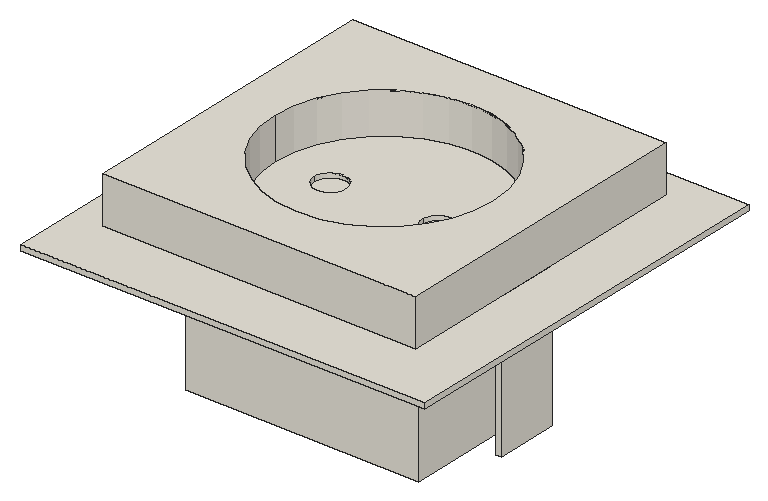
Revit family "Gira_018803", category Electrical Fixtures, host Face, Revit 2017
Family settings
  Host = Face
  Maintain Annotation Orientation = Yes
  Round Connector Dimension = Use Diameter
  Part Type = Normal
  Cut with Voids When Loaded = No
  Shared = No
  Room Calculation Point = No
Parameters (values of type "SCHUKO System 55 Reinweiß")
  Überspannungsschutz = "No"
  Werkstoffgüte = "sonstige"
  Werkstoff = "sonstige"
  Verdrehter Zentraleinsatz = "No"
  URL = "http://katalog.gira.de/de_DE/datenblatt.html?artikelnr=018803"
  Transparent = "No"
  Textfeld/Beschriftungsfläche = "No"
  Sonderstromversorgung = "ohne Sonderstromversorgung"
  Schutzleiterkontakt rund = "No"
  Schutzkontakt = "Yes"
  Region = "DE"
  RAL-Nummer (ähnlich) = "9010 "
  Oberfläche = "sonstige"
  Nennstrom = "16 Ampere"
  Nennspannung = "250 Volt"
  Name = "SCHUKO System 55 Reinweiß"
  Montageart = "unter Putz"
  Model = "SYS55_Steckdose"
  Mit erhöhtem Berührungsschutz = "No"
  Mit eingebauter USB-Spannungsversorgung = "No"
  Mit Signallampe = "No"
  Mit Orientierungsbeleuchtung = "No"
  Mit Klappdeckel = "No"
  Mit Funktionsbeleuchtung = "No"
  Mit Feinsicherung = "No"
  Mit Ein-/Ausschalter = "No"
  Mit Durchschleiffunktion = "No"
  Min. Tiefe der Gerätedose = "0.032 m"
  Manufacturer URL = "https://www.gira.de/"
  Isolierter Einbau = "No"
  HeinzeBIM = "https://bimportal.heinze.de/bim/schuko-system-55-reinweiss/aede7c65617a06472b82d7397b526df9eff66424"
  Halogenfrei = "Yes"
  HAN = "018803"
  Geeignet für Schutzart (IP) = "IP20"
  GTIN = "4010337188032"
  Für "erschwerte Bedingungen" (nach VDE) = "No"
  Frequenz = "50 - 50"
  Fehlerstromschutz = "No"
  Farbe = "weiß"
  Default Elevation = 1219.2 mm
  Data sheet (1) = "https://katalog.gira.de/de_DE/download.html?artikelnr=018803"
  Cremeweiß glänzend = Cremeweiß glänzend
  Category = "Steckdose"
  Befestigungsart = "Krallen-/Schraubbefestigung"
  Available = "Yes"
  Auswurfmechanismus = "No"
  Ausführung der Oberfläche = "glänzend"
  Ausführung = "Schuko"
  Aufdruck/Kennzeichnung = "ohne Aufdruck"
  Anzahl der Steckdosen schaltbar = "0 "
  Anzahl der Module (bei Modulbauweise) = "1 "
  Anzahl der Einheiten = "1 "
  Antibakterielle Behandlung = "No"
  Anschlussart = "Steckklemme"
  Abschließbar = "No"
Reference planes
  plane 1 "Center (Front/Back)": y = 0
  plane 2 "Reference Level 0": z = 0
  plane 3 "Center (Left/Right)": x = 0
  plane 4: x = 9.5
  plane 5: x = -9.5
  plane 6: x = 9.5
  plane 7: x = -9.5
  plane 8: x = 9.5
  plane 9: x = -9.5
  plane 10: x = 17.5
  plane 11 "Reference Level 1": z = 8.2
Forms (mm)
  Extrusion 1, solid, material "Cremeweiß glänzend" <- "Cremeweiß glänzend", detail levels coarse
    sketch origin (0, 0, 0) x (1, 0, 0) y (0, 1, 0)
      loop
        line (-35.5, 35.5) -> (-35.5, -35.5) -> (35.5, -35.5) -> (35.5, 35.5) -> (-35.5, 35.5)
    from -27.5 to 8.2
  Extrusion 2, solid, material "Cremeweiß glänzend" <- "Cremeweiß glänzend", detail levels medium+fine
    sketch origin (0, 0, 0) x (1, 0, 0) y (0, 1, 0)
      loop
        line (-35.5, 35.5) -> (-35.5, -35.5) -> (35.5, -35.5) -> (35.5, 35.5) -> (-35.5, 35.5)
    from -2.2 to -3.2
  Extrusion 3, solid, material "Cremeweiß glänzend" <- "Cremeweiß glänzend", detail levels medium+fine
    sketch origin (0, 0, 0) x (1, 0, 0) y (0, 1, 0)
      loop
        line (-27.5, 27.5) -> (-27.5, -27.5) -> (27.5, -27.5) -> (27.5, 27.5) -> (-27.5, 27.5)
      loop
        circle (0, 0) r 19.2
    from 0 to 8.2
  Extrusion 4, solid, material "Cremeweiß glänzend" <- "Cremeweiß glänzend", detail levels fine
    sketch origin (0, 0, 0) x (1, 0, 0) y (0, 1, 0)
      loop
        circle (0, 0) r 19.2
      loop
        circle (9.5, 0) r 2.8
      loop
        circle (-9.5, 0) r 2.8
    from 0 to 1
  Extrusion 5, solid, material "Cremeweiß glänzend" <- "Cremeweiß glänzend", detail levels fine
    sketch origin (0, 0, 0) x (1, 0, 0) y (0, 1, 0)
      loop
        circle (-9.5, 0) r 2.8
      loop
        circle (9.5, 0) r 2.8
    from -2.2 to 0.3
  Extrusion 6, solid, material "Cremeweiß glänzend" <- "Cremeweiß glänzend", detail levels medium
    sketch origin (0, 0, 0) x (1, 0, 0) y (0, 1, 0)
      loop
        circle (0, 0) r 19.2
      loop
        circle (9.5, 0) r 2.8
      loop
        circle (-9.5, 0) r 2.8
    from 7.2 to 8.2
  Extrusion 7, solid, material "Cremeweiß glänzend" <- "Cremeweiß glänzend", detail levels medium
    sketch origin (0, 0, 0) x (1, 0, 0) y (0, 1, 0)
      loop
        circle (-9.5, 0) r 2.8
      loop
        circle (9.5, 0) r 2.8
    from 7.2 to 8.2
  Extrusion 8, solid, material "Cremeweiß glänzend" <- "Cremeweiß glänzend", detail levels medium+fine
    sketch origin (0, 0, 0) x (1, 0, 0) y (0, 1, 0)
      loop
        line (-20.5, 9) -> (-20.5, -18) -> (20.5, -18) -> (20.5, 9) -> (17.5, 9) -> (3, 21) -> (3, 24) -> (-3, 24) -> (-3, 21) -> (-17.5, 9) -> (-20.5, 9)
    from 0 to -27.5
  Extrusion 9, solid, material "Cremeweiß glänzend" <- "Cremeweiß glänzend", detail levels medium+fine
    sketch origin (0, 0, 0) x (1, 0, 0) y (0, 1, 0)
      loop
        line (-25, 5.5) -> (-25, -5.5) -> (-24, -5.5) -> (-24, 5.5) -> (-25, 5.5)
    from 0 to -27.5
  Extrusion 10, solid, material "Cremeweiß glänzend" <- "Cremeweiß glänzend", detail levels medium+fine
    sketch origin (0, 0, 0) x (-1, 0, 0) y (0, -1, 0)
      loop
        line (-25, 5.5) -> (-25, -5.5) -> (-24, -5.5) -> (-24, 5.5) -> (-25, 5.5)
    from 0 to -27.5
Dimensions and locks
  aligned and locked: plane 2 "Reference Level 0" to host face
  aligned and locked: level to host face
  aligned and locked: plane 3 "Center (Left/Right)" to nested 1
  aligned and locked: plane 1 "Center (Front/Back)" to nested 1
Nested families
  nested 1: "Steckdose 1-fach Beschriftung" at (0, 0, 0), type "Steckdose 1-fach Beschriftung"
Connectors
  electrical at (0, 9, -27.5)
    settings: on Extrusion 8, index 1, voltage 220 V, apparent load 0 VA, apparent load phase1 0 VA, apparent load phase2 0 VA, apparent load phase3 0 VA, power factor 1, load classification "Other", number of poles 1, system type 31, power factor state 1, is connector primary yes, connector utility no, sub classification motor no, connector description ""
Definition of nested family "Steckdose 1-fach Beschriftung"
  Reference planes
    plane 1: y = 0
    plane 2: x = 0
  Lines and regions (mm)
    detail lines
      curve 1: line (0, 0, 0) -> (0, 2, 0)
      curve 3: line (0, 2, 0) -> (-1, 2, 0)
      curve 4: arc (1, 3, 0) -> (0, 2, 0) -> (-1, 3, 0) r 1
      curve 5: line (0, 2, 0) -> (1, 2, 0)
    reference lines
      curve 2: line (-0.485, 3, 0) -> (2.315, 3, 0)
  Dimensions and locks
    curve 1 to curve 1 = 2 mm
    plane 1 to curve 2 = 3 mm
    curve 3 to curve 3 = 1 mm
